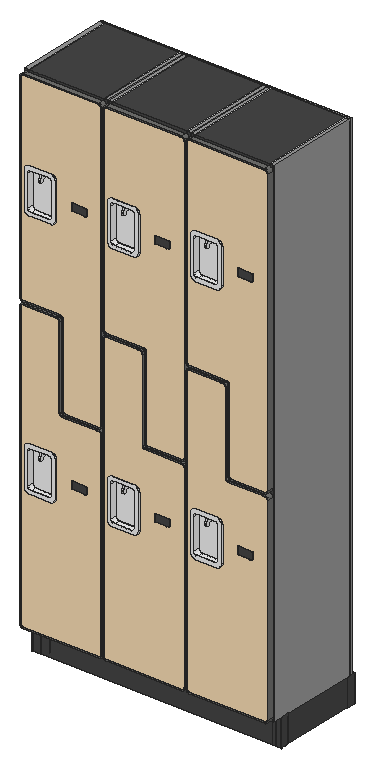
Revit family "Wood_Lockers-Salsbury_Industries-37000_Series-3_Wide_Units", category Specialty Equipment, Revit 2026 (continued)
Definition of nested family "Wood Locker S-Style Top Doors"
  Forms (in)
    Extrusion 10, solid, material <- "Door Hasps"
      sketch origin (-2.9375, 0, 0) x (0, 0, -1) y (0, -1, 0)
        loop
          line (-30.062, -0.344) -> (-29.312, -0.344) -> (-29.312, 0.063)
          arc (-29.312, 0.063) -> (-29.2753883, 0.1513883) -> (-29.187, 0.188) r 0.125
          line (-29.187, 0.188) -> (-29.0358813, 0.188)
          arc (-29.0358813, 0.188) -> (-28.970657, 0.212199) -> (-28.937, 0.2730843) r 0.1
          line (-28.937, 0.2730843) -> (-28.937, 0.4149157)
          arc (-28.937, 0.4149157) -> (-28.970657, 0.475801) -> (-29.0358813, 0.5) r 0.1
          line (-29.0358813, 0.5) -> (-29.2880625, 0.5)
          arc (-29.2880625, 0.5) -> (-29.3455181, 0.4762011) -> (-29.369317, 0.4187455) r 0.0812545
          arc (-29.369317, 0.4187455) -> (-29.3885715, 0.3685045) -> (-29.4364714, 0.344) r 0.0751745
          line (-29.4364714, 0.344) -> (-30.062, 0.344) -> (-30.062, -0.344)
      from -0.156 to 0.156
    Extrusion 11, void
      sketch origin (-2.9375, 0, 0) x (0, 0, -1) y (0, -1, 0)
        loop
          circle (-29.687, 0) r 0.175
      from -0.156 to 0.156
    Extrusion 12, solid, detail levels fine
      sketch origin (0, 0.375, 0) x (1, 0, 0) y (0, 0, 1)
        loop
          circle (-5.4125, 41.537) r 0.25
      from 0 to -0.25
    Extrusion 13, solid, detail levels fine
      sketch origin (0, 0.375, 0) x (1, 0, 0) y (0, 0, 1)
        loop
          line (5.3125, 38.812) -> (5.3125, 39.312) -> (4.8125, 39.312) -> (4.8125, 38.812) -> (5.3125, 38.812)
      from 0 to -0.25
    Extrusion 14, solid, detail levels fine
      sketch origin (0, 0.375, -0.25) x (1, 0, 0) y (0, 0, 1)
        loop
          line (5.3125, 3) -> (5.3125, 3.5) -> (4.8125, 3.5) -> (4.8125, 3) -> (5.3125, 3)
      from 0 to -0.25
    Extrusion 15, solid, visible <- "Visible Center Hinge", detail levels fine
      sketch origin (0, 0.375, -0.25) x (1, 0, 0) y (0, 0, 1)
        loop
          line (5.3125, 21.031) -> (5.3125, 21.531) -> (4.8125, 21.531) -> (4.8125, 21.031) -> (5.3125, 21.031)
      from 0 to -0.25
  Cuts and joins
    Extrusion 5, Extrusion 7, Extrusion 11 cuts Extrusion 1
    Extrusion 5, Extrusion 7 cuts Extrusion 3
    Extrusion 7 cuts Extrusion 2
    Extrusion 9, Extrusion 11 cuts Extrusion 8
    Extrusion 11 cuts Sweep 4
    Extrusion 11 cuts Extrusion 10
  Lines and regions (in)
    symbolic lines
      curve 1: line (-5.9375, 0.375, 41.937) -> (5.9375, 0.375, 41.937)
      curve 2: line (-5.9375, -0.375, 41.937) -> (-5.9375, 0.375, 41.937)
      curve 3: line (5.9375, -0.375, 41.937) -> (-5.9375, -0.375, 41.937)
      curve 4: line (5.9375, 0.375, 41.937) -> (5.9375, -0.375, 41.937)
      curve 5: line (-5.6625, 0.375, 41.937) -> (-5.6625, 0.625, 41.937)
      curve 6: line (-5.1616175, 0.375, 41.937) -> (-5.1616175, 0.625, 41.937)
      curve 7: line (-5.1616175, 0.625, 41.937) -> (-5.6625, 0.625, 41.937)
      curve 8: line (4.8125, 0.375, 41.937) -> (4.8125, 0.625, 41.937)
      curve 9: line (5.3125, 0.375, 41.937) -> (5.3125, 0.625, 41.937)
      curve 10: line (5.3125, 0.625, 41.937) -> (4.8125, 0.625, 41.937)
      curve 11: line (-5.1875, -0.375, 41.937) -> (-5.1875, -0.5, 41.937)
      curve 12: line (-5.1875, -0.5, 41.937) -> (-0.6875, -0.5, 41.937)
      curve 13: line (-0.6875, -0.5, 41.937) -> (-0.6875, -0.375, 41.937)
      curve 14: line (-2.9375, -0.375, 42.062) -> (-2.9375, 0.375, 42.062)
      curve 15: line (-2.9375, -0.375, 0) -> (-2.9375, -0.375, 42.062)
      curve 16: line (-2.9375, 0.375, 0) -> (-2.9375, -0.375, 0)
      curve 17: line (-2.9375, 0.375, 42.062) -> (-2.9375, 0.375, 0)
      curve 18: line (-2.9375, 0.375, 41.2876719) -> (-2.9375, 0.625, 41.2876719)
      curve 19: line (-2.9375, 0.625, 41.2876719) -> (-2.9375, 0.625, 41.787)
      curve 20: line (-2.9375, 0.625, 41.787) -> (-2.9375, 0.375, 41.787)
      curve 21: line (-2.9375, -0.375, 30.562) -> (-2.9375, -0.5, 30.562)
      curve 22: line (-2.9375, -0.5, 30.562) -> (-2.9375, -0.5, 24.062)
      curve 23: line (-2.9375, -0.5, 24.062) -> (-2.9375, -0.375, 24.062)
      curve 24: line (-2.9375, 0.375, 39.312) -> (-2.9375, 0.625, 39.312)
      curve 25: line (-2.9375, 0.625, 39.312) -> (-2.9375, 0.625, 38.812)
      curve 26: line (-2.9375, 0.625, 38.812) -> (-2.9375, 0.375, 38.812)
      curve 27: line (-2.9375, 0.375, 3.25) -> (-2.9375, 0.625, 3.25)
      curve 28: line (-2.9375, 0.625, 3.25) -> (-2.9375, 0.625, 2.75)
      curve 29: line (-2.9375, 0.625, 2.75) -> (-2.9375, 0.375, 2.75)
      curve 30: arc (-5.9375, 0.375, 41.537) -> (-5.7837311, 0.375, 41.9082311) -> (-5.4125, 0.375, 42.062) r 0.525
      curve 31: arc (5.9375, 0.375, 41.537) -> (5.7837311, 0.375, 41.9082311) -> (5.4125, 0.375, 42.062) r 0.525
      curve 32: arc (-5.4125, 0.375, 12.562) -> (-5.7837311, 0.375, 12.7157689) -> (-5.9375, 0.375, 13.087) r 0.525
      curve 33: arc (-0.1495, 0.375, 12.562) -> (0.0449544, 0.375, 12.4814544) -> (0.1255, 0.375, 12.287) r 0.275
      curve 34: arc (5.4125, 0.375, 0) -> (5.7837311, 0.375, 0.1537689) -> (5.9375, 0.375, 0.525) r 0.525
      curve 35: arc (0.6505, 0.375, 0) -> (0.2792689, 0.375, 0.1537689) -> (0.1255, 0.375, 0.525) r 0.525
      curve 36: line (0.6505, 0.375, 0) -> (5.4125, 0.375, 0)
      curve 37: line (5.9375, 0.375, 0.525) -> (5.9375, 0.375, 41.537)
      curve 38: line (5.4125, 0.375, 42.062) -> (-5.4125, 0.375, 42.062)
      curve 39: line (-5.9375, 0.375, 41.537) -> (-5.9375, 0.375, 13.087)
      curve 40: line (-5.4125, 0.375, 12.562) -> (-0.1495, 0.375, 12.562)
      curve 41: line (0.1255, 0.375, 12.287) -> (0.1255, 0.375, 0.525)
      curve 42: arc (1.5, 0.375, 27.6943424) -> (1.5436872, 0.375, 27.7998128) -> (1.6491576, 0.375, 27.8435) r 0.1491576
      curve 43: arc (1.6491576, 0.375, 26.7805) -> (1.5436872, 0.375, 26.8241872) -> (1.5, 0.375, 26.9296576) r 0.1491576
      curve 44: arc (3.6008424, 0.375, 26.7805) -> (3.7063128, 0.375, 26.8241872) -> (3.75, 0.375, 26.9296576) r 0.1491576
      curve 45: arc (3.75, 0.375, 27.6943424) -> (3.7063128, 0.375, 27.7998128) -> (3.6008424, 0.375, 27.8435) r 0.1491576
      curve 46: line (3.6008424, 0.375, 27.8435) -> (1.6491576, 0.375, 27.8435)
      curve 47: line (1.5, 0.375, 27.6943424) -> (1.5, 0.375, 26.9296576)
      curve 48: line (1.6491576, 0.375, 26.7805) -> (3.6008424, 0.375, 26.7805)
      curve 49: line (3.75, 0.375, 26.9296576) -> (3.75, 0.375, 27.6943424)
      curve 50: arc (-5.1875, 0.375, 29.812) -> (-4.9678301, 0.375, 30.3423301) -> (-4.4375, 0.375, 30.562) r 0.75
      curve 51: arc (-0.6875, 0.375, 29.812) -> (-0.9071699, 0.375, 30.3423301) -> (-1.4375, 0.375, 30.562) r 0.75
      curve 52: arc (-1.4375, 0.375, 24.062) -> (-0.9071699, 0.375, 24.2816699) -> (-0.6875, 0.375, 24.812) r 0.75
      curve 53: arc (-4.4375, 0.375, 24.062) -> (-4.9678301, 0.375, 24.2816699) -> (-5.1875, 0.375, 24.812) r 0.75
      curve 54: line (-4.4375, 0.375, 24.062) -> (-1.4375, 0.375, 24.062)
      curve 55: line (-0.6875, 0.375, 24.812) -> (-0.6875, 0.375, 29.812)
      curve 56: line (-1.4375, 0.375, 30.562) -> (-4.4375, 0.375, 30.562)
      curve 57: line (-5.1875, 0.375, 29.812) -> (-5.1875, 0.375, 24.812)
      curve 58: arc (-4.6875, 0.375, 29.562) -> (-4.5410534, 0.375, 29.9155534) -> (-4.1875, 0.375, 30.062) r 0.5
      curve 59: arc (-1.1875, 0.375, 29.562) -> (-1.3339466, 0.375, 29.9155534) -> (-1.6875, 0.375, 30.062) r 0.5
      curve 60: arc (-1.6875, 0.375, 24.562) -> (-1.3339466, 0.375, 24.7084466) -> (-1.1875, 0.375, 25.062) r 0.5
      curve 61: arc (-4.1875, 0.375, 24.562) -> (-4.5410534, 0.375, 24.7084466) -> (-4.6875, 0.375, 25.062) r 0.5
      curve 62: line (-4.6875, 0.375, 29.562) -> (-4.6875, 0.375, 25.062)
      curve 63: line (-4.1875, 0.375, 24.562) -> (-1.6875, 0.375, 24.562)
      curve 64: line (-1.1875, 0.375, 25.062) -> (-1.1875, 0.375, 29.562)
      curve 65: line (-1.6875, 0.375, 30.062) -> (-4.1875, 0.375, 30.062)
      curve 66: line (-3.0935, 0.375, 30.062) -> (-3.0935, 0.375, 28.937)
      curve 67: line (-3.0935, 0.375, 28.937) -> (-2.7815, 0.375, 28.937)
      curve 68: line (-2.7815, 0.375, 28.937) -> (-2.7815, 0.375, 30.062)
  Dimensions and locks (in)
    equal spacing: plane 4 "Left Side of Door", plane 3 "Center (Left/Right)", plane 5 "Right Side of Door"
    "Width": plane 4 "Left Side of Door" to plane 5 "Right Side of Door"
    equal spacing: plane 7 "Front of Door", plane 1 "Center (Front/Back)", plane 6 "Back of Door"
    "Depth": plane 7 "Front of Door" to plane 6 "Back of Door"
    equal spacing: plane 9 "Top of Door", plane 10 "Center of Door", plane 8 "Bottom of Door"
    "Height": plane 9 "Top of Door" to plane 8 "Bottom of Door"
    equal spacing: plane 11 "Top of Number Tag", plane 16 "Center of Number Tag", plane 12 "Bottom of Number Tag"
    "Number Tag Height": plane 11 "Top of Number Tag" to plane 12 "Bottom of Number Tag"
    equal spacing: plane 14 "Right Side of Number Tag", plane 15 "Horizontal Center of Number Tag", plane 13 "Left Side of Number Tag"
    "Number Tag Width": plane 14 "Right Side of Number Tag" to plane 13 "Left Side of Number Tag"
    "Number Tag-Horizontal Offset": plane 15 "Horizontal Center of Number Tag" to plane 5 "Right Side of Door"
    "Number Tag-Vertical Offset": plane 9 "Top of Door" to plane 16 "Center of Number Tag"
    locked: plane 4 "Left Side of Door" to plane 17 "Left Side of Hasp" at 0.75
    equal spacing: plane 20 "Top of Hasp", plane 19 "Hasp Vertical Center", plane 21 "Bottom of Hasp", locked at 3.25 each
    plane 20 "Top of Hasp" to plane 21 "Bottom of Hasp" = 6.500"
    plane 22 "Front of Hasp" to plane 7 "Front of Door" = 0.125"
    locked: plane 24 "Right Side of Door-Left Side of Trim" to plane 5 "Right Side of Door" at 0.125
    locked: plane 4 "Left Side of Door" to plane 23 "Left Side of Door-Right Side of Trim" at 0.125
    locked: plane 9 "Top of Door" to plane 25 "Top of Door-Bottom of Trim" at 0.125
    locked: plane 26 "Bottom of Door-Top of Trim" to plane 8 "Bottom of Door" at 0.125
    plane 28 "Melamine-Particleboard Line" to plane 6 "Back of Door" = 0.031"
    plane 7 "Front of Door" to plane 27 "Laminate-Particleboard Line" = 0.031"
    plane 27 "Laminate-Particleboard Line" to plane 29 "Back of Number Plate Inset" = 0.031"
    equal spacing: plane 18 "Right Side of Hasp", plane 30 "Center of Hasp", plane 17 "Left Side of Hasp"
    locked: plane 18 "Right Side of Hasp" to plane 17 "Left Side of Hasp" at 4.5
    plane 20 "Top of Hasp" to plane 33 "Hasp Inset-Top" = 0.500"
    plane 34 "Hasp Inset-Bottom" to plane 21 "Bottom of Hasp" = 0.500"
    plane 31 "Hasp Inset-Left" to plane 17 "Left Side of Hasp" = 0.500"
    plane 20 "Top of Hasp" to plane 36 to plane 35 to plane 33 "Hasp Inset-Top" = 0.156", 0.188", 0.156"
    plane 37 "Hasp Letters - Left Side" to plane 30 "Center of Hasp" to plane 38 "Hasp Letters - Right Side" = 0.906", 0.906"
    plane 32 "Hasp Inset-Right" to plane 18 "Right Side of Hasp" = 0.500"
    plane 40 "Hasp Handle - Right Side" to plane 30 "Center of Hasp" to plane 39 "Hasp Handle - Left Side" = 0.156", 0.156"
    plane 33 "Hasp Inset-Top" to plane 42 "Hasp Handle - Lip" to plane 43 "Hasp Handle - Lock Area Bottom" to plane 41 "Hasp Handle - Bottom" = 0.688", 0.062", 0.375"
    plane 48 "Top of Hasp Hole" to plane 33 "Hasp Inset-Top" to plane 44 "Hasp Handle - Center of Lock Hole" = 0.063", 0.375"
    plane 22 "Front of Hasp" to plane 45 = 0.312"
    plane 6 "Back of Door" to plane 46 "Door Stopper Plane" = 0.250"
    plane 32 "Hasp Inset-Right" to plane 50 "Right Side of Hasp Hole" = 0.0625"
    plane 34 "Hasp Inset-Bottom" to plane 47 "Bottom of Hasp Hole" = 0.063"
    plane 49 "Left Side of Hasp Hole" to plane 31 "Hasp Inset-Left" = 0.063"
    locked: plane 23 "Left Side of Door-Right Side of Trim" to plane 51 at 0.4
    locked: plane 25 "Top of Door-Bottom of Trim" to plane 52 at 0.4
    plane 54 to plane 5 "Right Side of Door" = 0.625"
    plane 59 to plane 57 = 0.125"
    plane 58 to plane 56 "Long Panel Edge" = 3.250"
    plane 9 "Top of Door" to plane 53 "Top Hinge" = 3.000"
    "Short Panel Edge": plane 9 "Top of Door" to plane 57
    "Long Panel Edge": plane 56 "Long Panel Edge" to plane 5 "Right Side of Door"
    Extrusion 2 sketch curve to plane 5 "Right Side of Door" = 0.125"
    plane 56 "Long Panel Edge" to plane 60 = 0.125"
    "Hasp Vertical Offset": plane 9 "Top of Door" to plane 19 "Hasp Vertical Center"
    aligned and locked: level to plane 2
    aligned and locked: Extrusion 5 to plane 11 "Top of Number Tag"
    aligned and locked: plane 12 "Bottom of Number Tag" to Extrusion 5
    aligned and locked: plane 14 "Right Side of Number Tag" to Extrusion 5
    aligned and locked: Extrusion 5 to plane 13 "Left Side of Number Tag"
    aligned and locked: Extrusion 5 to plane 29 "Back of Number Plate Inset"
    aligned and locked: plane 7 "Front of Door" to Extrusion 5
    aligned and locked: Extrusion 6 to plane 29 "Back of Number Plate Inset"
    aligned and locked: plane 7 "Front of Door" to Extrusion 6
    aligned and locked: plane 14 "Right Side of Number Tag" to Extrusion 6
    aligned and locked: Extrusion 6 to plane 13 "Left Side of Number Tag"
    aligned and locked: Extrusion 6 to plane 11 "Top of Number Tag"
    aligned and locked: plane 12 "Bottom of Number Tag" to Extrusion 6
    aligned and locked: cut or joined group of Extrusion 3, Extrusion 5, Extrusion 7 to plane 48 "Top of Hasp Hole"
    aligned and locked: plane 47 "Bottom of Hasp Hole" to cut or joined group of Extrusion 3, Extrusion 5, Extrusion 7
    aligned and locked: plane 49 "Left Side of Hasp Hole" to cut or joined group of Extrusion 3, Extrusion 5, Extrusion 7
    aligned and locked: cut or joined group of Extrusion 3, Extrusion 5, Extrusion 7 to plane 50 "Right Side of Hasp Hole"
    aligned and locked: Extrusion 10 to plane 33 "Hasp Inset-Top"
    aligned and locked: plane 41 "Hasp Handle - Bottom" to Extrusion 10
    aligned and locked: curve 1 to cut or joined group of Sweep 4, Extrusion 11
    aligned and locked: curve 2 to cut or joined group of Sweep 4, Extrusion 11
    aligned and locked: curve 3 to cut or joined group of Sweep 4, Extrusion 11
    aligned and locked: curve 4 to cut or joined group of Sweep 4, Extrusion 11
    aligned and locked: plane 46 "Door Stopper Plane" to curve 5
    aligned and locked: curve 7 to Extrusion 12
    aligned and locked: curve 1 to curve 8
    aligned and locked: curve 8 to Extrusion 13
    aligned and locked: curve 9 to Extrusion 13
    aligned and locked: curve 10 to Extrusion 13
    aligned and locked: plane 17 "Left Side of Hasp" to curve 11
    aligned and locked: curve 12 to cut or joined group of Extrusion 8, Extrusion 9, Extrusion 11
    aligned and locked: curve 13 to cut or joined group of Extrusion 8, Extrusion 9, Extrusion 11
    aligned and locked: curve 14 to cut or joined group of Sweep 4, Extrusion 11
    aligned and locked: curve 15 to cut or joined group of Sweep 4, Extrusion 11
    aligned and locked: curve 16 to cut or joined group of Sweep 4, Extrusion 11
    aligned and locked: curve 17 to cut or joined group of Sweep 4, Extrusion 11
    aligned and locked: curve 19 to Extrusion 12
    aligned and locked: plane 20 "Top of Hasp" to curve 21
    aligned and locked: curve 22 to cut or joined group of Extrusion 8, Extrusion 9, Extrusion 11
    aligned and locked: curve 23 to cut or joined group of Extrusion 8, Extrusion 9, Extrusion 11
    aligned and locked: curve 24 to Extrusion 13  (x2)
    aligned and locked: curve 26 to Extrusion 13
    aligned and locked: curve 17 to curve 27
    aligned and locked: curve 27 to Extrusion 14
    aligned and locked: curve 28 to Extrusion 14
    aligned and locked: curve 29 to Extrusion 14
    aligned and locked: cut or joined group of Sweep 4, Extrusion 11 to curve 30
    aligned and locked: curve 30 to cut or joined group of Sweep 4, Extrusion 11
    aligned and locked: curve 31 to cut or joined group of Sweep 4, Extrusion 11
    aligned and locked: cut or joined group of Sweep 4, Extrusion 11 to curve 32
    aligned and locked: curve 32 to cut or joined group of Sweep 4, Extrusion 11
    aligned and locked: curve 33 to cut or joined group of Sweep 4, Extrusion 11
    aligned and locked: curve 34 to cut or joined group of Sweep 4, Extrusion 11
    aligned and locked: cut or joined group of Sweep 4, Extrusion 11 to curve 35
    aligned and locked: curve 35 to cut or joined group of Sweep 4, Extrusion 11
    aligned and locked: curve 37 to cut or joined group of Sweep 4, Extrusion 11
    aligned and locked: curve 38 to cut or joined group of Sweep 4, Extrusion 11
    aligned and locked: curve 41 to cut or joined group of Sweep 4, Extrusion 11
    aligned and locked: cut or joined group of Extrusion 1, Extrusion 5, Extrusion 7, Extrusion 11 to curve 42
    aligned and locked: curve 42 to cut or joined group of Extrusion 1, Extrusion 5, Extrusion 7, Extrusion 11
    aligned and locked: curve 43 to cut or joined group of Extrusion 1, Extrusion 5, Extrusion 7, Extrusion 11
    aligned and locked: curve 45 to cut or joined group of Extrusion 1, Extrusion 5, Extrusion 7, Extrusion 11
    aligned and locked: curve 46 to cut or joined group of Extrusion 1, Extrusion 5, Extrusion 7, Extrusion 11
    aligned and locked: curve 48 to cut or joined group of Extrusion 1, Extrusion 5, Extrusion 7, Extrusion 11
    aligned and locked: curve 49 to cut or joined group of Extrusion 1, Extrusion 5, Extrusion 7, Extrusion 11
    aligned and locked: cut or joined group of Extrusion 8, Extrusion 9, Extrusion 11 to curve 50
    aligned and locked: cut or joined group of Extrusion 8, Extrusion 9, Extrusion 11 to curve 51
    aligned and locked: curve 51 to cut or joined group of Extrusion 8, Extrusion 9, Extrusion 11
    aligned and locked: cut or joined group of Extrusion 8, Extrusion 9, Extrusion 11 to curve 52
    aligned and locked: curve 52 to cut or joined group of Extrusion 8, Extrusion 9, Extrusion 11
    aligned and locked: cut or joined group of Extrusion 8, Extrusion 9, Extrusion 11 to curve 53
    aligned and locked: curve 54 to cut or joined group of Extrusion 8, Extrusion 9, Extrusion 11
    aligned and locked: curve 57 to cut or joined group of Extrusion 8, Extrusion 9, Extrusion 11
    aligned and locked: curve 59 to cut or joined group of Extrusion 8, Extrusion 9, Extrusion 11
    aligned and locked: cut or joined group of Extrusion 8, Extrusion 9, Extrusion 11 to curve 59
    aligned and locked: curve 60 to cut or joined group of Extrusion 8, Extrusion 9, Extrusion 11
    aligned and locked: curve 61 to cut or joined group of Extrusion 8, Extrusion 9, Extrusion 11
    aligned and locked: curve 62 to cut or joined group of Extrusion 8, Extrusion 9, Extrusion 11
    aligned and locked: curve 63 to cut or joined group of Extrusion 8, Extrusion 9, Extrusion 11
    aligned and locked: curve 64 to cut or joined group of Extrusion 8, Extrusion 9, Extrusion 11
    aligned and locked: curve 65 to curve 66
    aligned and locked: curve 66 to cut or joined group of Extrusion 10, Extrusion 11
    aligned and locked: curve 67 to cut or joined group of Extrusion 10, Extrusion 11
    aligned and locked: curve 68 to cut or joined group of Extrusion 10, Extrusion 11
  Automatic sketch dimensions
    Extrusion 5 sketch curve to plane 13 "Left Side of Number Tag" = 0.000"
    Extrusion 5 sketch curve to plane 12 "Bottom of Number Tag" = 0.000"
    Extrusion 5 sketch curve to plane 11 "Top of Number Tag" = 0.000"
    Extrusion 5 sketch curve to plane 14 "Right Side of Number Tag" = 0.000"
    Extrusion 5 sketch curve to Extrusion 5 sketch curve = 0.14916"  (x3)
    plane 11 "Top of Number Tag" to Extrusion 5 sketch curve = 0.14916"
    plane 13 "Left Side of Number Tag" to Extrusion 6 sketch curve = 0.000"
    plane 11 "Top of Number Tag" to Extrusion 6 sketch curve = 0.000"
    plane 13 "Left Side of Number Tag" to Extrusion 6 sketch curve = 0.14916"  (x2)
    Extrusion 6 sketch curve to plane 14 "Right Side of Number Tag" = 0.14916"
    Extrusion 6 sketch curve to plane 14 "Right Side of Number Tag" = 0.000"
    Extrusion 6 sketch curve to plane 12 "Bottom of Number Tag" = 0.14916"
    Extrusion 6 sketch curve to plane 12 "Bottom of Number Tag" = 0.000"
    plane 31 "Hasp Inset-Left" to Extrusion 7 sketch curve = 0.063"
    plane 34 "Hasp Inset-Bottom" to Extrusion 7 sketch curve = 0.063"
    Extrusion 7 sketch curve to plane 33 "Hasp Inset-Top" = 0.063"
    Extrusion 7 sketch curve to plane 32 "Hasp Inset-Right" = 0.0625"
    Extrusion 7 sketch curve to plane 31 "Hasp Inset-Left" = 0.437"
    plane 37 "Hasp Letters - Left Side" to Extrusion 7 sketch curve = 0.407"
    Extrusion 7 sketch curve to plane 38 "Hasp Letters - Right Side" = 0.4065"
    Extrusion 7 sketch curve to Extrusion 7 sketch curve = 0.500"
    Extrusion 8 sketch curve to plane 18 "Right Side of Hasp" = 0.000"
    Extrusion 8 sketch curve to plane 20 "Top of Hasp" = 0.000"
    Extrusion 8 sketch curve to plane 21 "Bottom of Hasp" = 0.000"
    Extrusion 8 sketch curve to plane 17 "Left Side of Hasp" = 0.000"
    plane 32 "Hasp Inset-Right" to Extrusion 8 sketch curve = 0.250"
    Extrusion 8 sketch curve to plane 44 "Hasp Handle - Center of Lock Hole" = 0.125"
    Extrusion 8 sketch curve to plane 31 "Hasp Inset-Left" = 0.250"  (x2)
    plane 31 "Hasp Inset-Left" to Extrusion 9 sketch curve = 0.000"
    Extrusion 9 sketch curve to plane 33 "Hasp Inset-Top" = 0.000"
    Extrusion 9 sketch curve to plane 34 "Hasp Inset-Bottom" = 0.000"
    plane 32 "Hasp Inset-Right" to Extrusion 9 sketch curve = 0.000"
    plane 37 "Hasp Letters - Left Side" to Extrusion 9 sketch curve = 0.344"  (x2)
    Extrusion 9 sketch curve to plane 38 "Hasp Letters - Right Side" = 0.344"
    plane 44 "Hasp Handle - Center of Lock Hole" to Extrusion 9 sketch curve = 0.125"
    Extrusion 10 sketch curve to plane 28 "Melamine-Particleboard Line" = 0.000"
    plane 33 "Hasp Inset-Top" to Extrusion 10 sketch curve = 0.000"
    Extrusion 10 sketch curve to plane 27 "Laminate-Particleboard Line" = 0.000"
    plane 43 "Hasp Handle - Lock Area Bottom" to Extrusion 10 sketch curve = 0.000"
    Extrusion 10 sketch curve to plane 22 "Front of Hasp" = 0.000"
    Extrusion 10 sketch curve to plane 45 = 0.000"
    plane 41 "Hasp Handle - Bottom" to Extrusion 10 sketch curve = 0.000"
    Extrusion 10 sketch curve to plane 42 "Hasp Handle - Lip" = 0.07049"
    Extrusion 10 sketch curve to plane 42 "Hasp Handle - Lip" = 0.06247"
    plane 43 "Hasp Handle - Lock Area Bottom" to Extrusion 10 sketch curve = 0.02394"
    plane 1 "Center (Front/Back)" to Extrusion 10 sketch curve = 0.063"
    Extrusion 10 sketch curve to plane 41 "Hasp Handle - Bottom" = 0.09888"  (x2)
    Extrusion 10 sketch curve to plane 29 "Back of Number Plate Inset" = 0.03992"
    Extrusion 10 sketch curve to Extrusion 10 sketch curve = 0.100"
    plane 7 "Front of Door" to Extrusion 10 sketch curve = 0.04375"
    Extrusion 11 sketch curve to plane 1 "Center (Front/Back)" = 0.000"
    plane 44 "Hasp Handle - Center of Lock Hole" to Extrusion 11 sketch curve = 0.000"
    Extrusion 12 sketch curve to plane 51 = 0.000"
    Extrusion 12 sketch curve to plane 52 = 0.000"
    plane 53 "Top Hinge" to Extrusion 13 sketch curve = 0.250"
    plane 54 to Extrusion 13 sketch curve = 0.000"
    Extrusion 13 sketch curve to plane 53 "Top Hinge" = 0.250"
    plane 54 to Extrusion 13 sketch curve = 0.500"
    plane 55 "Bottom Hinge" to Extrusion 14 sketch curve = 0.250"
    plane 54 to Extrusion 14 sketch curve = 0.000"
    plane 54 to Extrusion 14 sketch curve = 0.500"
    Extrusion 14 sketch curve to plane 55 "Bottom Hinge" = 0.250"
    plane 10 "Center of Door" to Extrusion 15 sketch curve = 0.250"
    plane 54 to Extrusion 15 sketch curve = 0.000"
    plane 54 to Extrusion 15 sketch curve = 0.500"
    Extrusion 15 sketch curve to plane 10 "Center of Door" = 0.250"
    plane 23 "Left Side of Door-Right Side of Trim" to Extrusion 3 sketch curve = 0.000"
    Extrusion 3 sketch curve to plane 25 "Top of Door-Bottom of Trim" = 0.000"
    plane 51 to Extrusion 3 sketch curve = 0.000"  (x2)
    Extrusion 3 sketch curve to plane 59 = 0.000"
    plane 60 to Extrusion 3 sketch curve = 0.000"
    Extrusion 3 sketch curve to plane 26 "Bottom of Door-Top of Trim" = 0.000"
    Extrusion 3 sketch curve to plane 52 = 0.000"
    plane 24 "Right Side of Door-Left Side of Trim" to Extrusion 3 sketch curve = 0.000"
    Extrusion 3 sketch curve to plane 3 "Center (Left/Right)" = 0.1495"
    Extrusion 3 sketch curve to plane 60 = 0.400"
    Extrusion 3 sketch curve to plane 54 = 0.100"
    plane 23 "Left Side of Door-Right Side of Trim" to Extrusion 1 sketch curve = 0.000"
    plane 51 to Extrusion 1 sketch curve = 0.000"  (x2)
    Extrusion 1 sketch curve to plane 25 "Top of Door-Bottom of Trim" = 0.000"
    Extrusion 1 sketch curve to plane 59 = 0.000"
    plane 60 to Extrusion 1 sketch curve = 0.000"
    Extrusion 1 sketch curve to plane 26 "Bottom of Door-Top of Trim" = 0.000"
    Extrusion 1 sketch curve to plane 52 = 0.000"
    plane 24 "Right Side of Door-Left Side of Trim" to Extrusion 1 sketch curve = 0.000"
    Extrusion 1 sketch curve to plane 3 "Center (Left/Right)" = 0.1495"
    Extrusion 1 sketch curve to plane 60 = 0.400"
    Extrusion 1 sketch curve to plane 54 = 0.100"
    plane 23 "Left Side of Door-Right Side of Trim" to Extrusion 2 sketch curve = 0.000"
    plane 51 to Extrusion 2 sketch curve = 0.000"  (x2)
    Extrusion 2 sketch curve to plane 25 "Top of Door-Bottom of Trim" = 0.000"
    Extrusion 2 sketch curve to plane 59 = 0.000"
    plane 60 to Extrusion 2 sketch curve = 0.000"
    Extrusion 2 sketch curve to plane 26 "Bottom of Door-Top of Trim" = 0.000"
    Extrusion 2 sketch curve to plane 52 = 0.000"
    Extrusion 2 sketch curve to plane 3 "Center (Left/Right)" = 0.1495"
    Extrusion 2 sketch curve to plane 60 = 0.400"
    Extrusion 2 sketch curve to plane 54 = 0.100"
    Sweep 4 sketch curve to profile plane = 0.000"
    Sweep 4 sketch curve to Sweep 4 sketch curve = 0.125"
    Sweep 4 sketch curve to plane 1 "Center (Front/Back)" = 0.375"
    plane 1 "Center (Front/Back)" to Sweep 4 sketch curve = 0.375"
    plane 23 "Left Side of Door-Right Side of Trim" to Sweep 4 sketch curve = 0.000"
    plane 51 to Sweep 4 sketch curve = 0.000"  (x2)
    Sweep 4 sketch curve to plane 59 = 0.000"
    plane 60 to Sweep 4 sketch curve = 0.000"
    Sweep 4 sketch curve to plane 26 "Bottom of Door-Top of Trim" = 0.000"
    Sweep 4 sketch curve to plane 25 "Top of Door-Bottom of Trim" = 0.000"
    Sweep 4 sketch curve to plane 52 = 0.000"
    plane 24 "Right Side of Door-Left Side of Trim" to Sweep 4 sketch curve = 0.000"
    Sweep 4 sketch curve to plane 3 "Center (Left/Right)" = 0.1495"
    Sweep 4 sketch curve to plane 60 = 0.400"
    Sweep 4 sketch curve to plane 54 = 0.100"
    curve 5 to plane 23 "Left Side of Door-Right Side of Trim" = 0.150"
    plane 17 "Left Side of Hasp" to curve 6 = 0.02588"
    plane 25 "Top of Door-Bottom of Trim" to curve 19 = 0.150"
    curve 19 to plane 52 = 0.24933"
    plane 51 to curve 40 = 0.000"
    plane 51 to curve 30 = 0.000"
    curve 31 to plane 52 = 0.000"
    curve 50 to plane 44 "Hasp Handle - Center of Lock Hole" = 0.125"
    curve 54 to plane 31 "Hasp Inset-Left" = 0.250"
    plane 44 "Hasp Handle - Center of Lock Hole" to curve 58 = 0.125"
    plane 37 "Hasp Letters - Left Side" to curve 63 = 0.344"
    curve 60 to plane 38 "Hasp Letters - Right Side" = 0.344"
    plane 44 "Hasp Handle - Center of Lock Hole" to curve 59 = 0.125"
    plane 32 "Hasp Inset-Right" to curve 52 = 0.250"
    curve 51 to plane 44 "Hasp Handle - Center of Lock Hole" = 0.125"
    curve 33 to plane 3 "Center (Left/Right)" = 0.1495"
    curve 36 to plane 60 = 0.400"
    curve 47 to curve 43 = 0.14916"
    plane 13 "Left Side of Number Tag" to curve 46 = 0.14916"
    curve 46 to plane 14 "Right Side of Number Tag" = 0.14916"
    curve 44 to curve 44 = 0.14916"
    curve 36 to plane 54 = 0.100"
    radius of Extrusion 11 sketch curve = 0.175"
    radius of Extrusion 12 sketch curve = 0.250"
Definition of nested family "Wood Locker Sloping Corner Fillers"
  Parameters (values of type "33377 - for 15" D Lockers")
    Width = 16.875"
    Visible = yes
    Version = "1.0 (2/29/16)"
    Type Comments = "Sloping Hood Corner Filler for Designer Wood Lockers"
    Model = "33377"
    Manufacturer = "Salsbury Industries"
    Laminate Surface = none
    Height = 5.743"
    Description = "For 15\" D Lockers"
    Depth = 16.875"
    Default Elevation = 0.000"
  Types (8): name | Width | Visible | Version | Type Comments | Model | Manufacturer | Height | Description | Depth
    (no name) | 16.875" | yes | "1.0 (2/29/16)" | "Sloping Hood Corner Filler for Designer Wood Lockers" | "33377" | "Salsbury Industries" | 5.743" | "For 15\" D Lockers" | 16.875"
    33377 - for 15" D Lockers | 16.875" | yes | "1.0 (2/29/16)" | "Sloping Hood Corner Filler for Designer Wood Lockers" | "33377" | "Salsbury Industries" | 5.743" | "For 15\" D Lockers" | 16.875"
    33378 - for 18" D Lockers | 19.875" | yes | "1.0 (2/29/16)" | "Sloping Hood Corner Filler for Designer Wood Lockers" | "33378" | "Salsbury Industries" | 6.868" | "For 18\" D Lockers" | 19.875"
    33371 - for 21" D Lockers | 22.875" | yes | "1.0 (2/29/16)" | "Sloping Hood Corner Filler for Designer Wood Lockers" | "33371" | "Salsbury Industries" | 7.993" | "For 21\" D Lockers" | 22.875"
    22279 - for 24" D Lockers | 25.875" | yes | "1.0 (2/29/16)" | "Sloping Hood Corner Filler for Extra Wide Designer Wood Lockers" | "22279" | "Salsbury Industries" | 9.118" | "For 24\" D Lockers" | 25.875"
    None | 16.875" | no | "" | "" | "" | "" | 5.743" | "" | 16.875"
    22278 - for 18" D Lockers | 19.875" | yes | "1.0 (2/29/16)" | "Sloping Hood Corner Filler for Extra Wide Designer Wood Lockers" | "22278" | "Salsbury Industries" | 6.868" | "For 18\" D Lockers" | 19.875"
    22271 - for 21" D Lockers | 22.875" | yes | "1.0 (2/29/16)" | "Sloping Hood Corner Filler for Extra Wide Designer Wood Lockers" | "22271" | "Salsbury Industries" | 7.993" | "For 21\" D Lockers" | 22.875"
  Reference planes (in)
    plane 1 "Center (Front/Back)": y = -0.8125
    plane 2: z = 0
    plane 3 "Center (Left/Right)": x = 0.8125
    plane 4 "Front of Hood": y = -7
    plane 5 "Right Side of Hood": x = 7
    plane 6 "Bottom of Hood": z = 0
    plane 7 "Black Trim Line": y = -6.969
    plane 8: z = 0.062
    plane 9: z = 0.75
    plane 10 "New Back of Hood": y = 7.625
    plane 11 "New Front of Hood": y = -9.25
    plane 12 "New Left Side": x = -7.625
    plane 13 "New Right Side": x = 9.25
    plane 14 "Top": z = 5.743
    plane 15: x = 6.969
  Forms (in)
    Extrusion 1, solid, visible <- "Visible"
      sketch origin (0.8125, 0, 0) x (0, 1, 0) y (0, 0, 1)
        loop
          line (-5.16023, 0) -> (7.625, 4.9943682) -> (7.625, 5.712) -> (-6.9201912, 0.062) -> (-6.969, 0.062) -> (-6.969, 0) -> (-5.16023, 0)
      from -8.4375 to 8.4375
    Extrusion 2, solid, material <- "Laminate Surface", visible <- "Visible"
      sketch origin (0.8125, 0, 0.0002321) x (0, 1, 0) y (0, 0, 1)
        loop
          line (7.625, 5.7427679) -> (-7, 0.0617679) -> (-6.9201912, 0.0617679) -> (7.625, 5.7117679) -> (7.625, 5.7427679)
      from -8.4375 to 8.4375
    Extrusion 3, void
      sketch origin (0, 0, 0) x (0, -1, 0) y (1, 0, 0)
        loop
          line (7, 7) -> (-7.625, -7.625) -> (7, -7.625) -> (7, 7)
      from 0 to 5.743
    Extrusion 4, solid, visible <- "Visible"
      sketch origin (9.25, 0, 0) x (0, -1, 0) y (0, 0, 1)
        loop
          line (7, 0) -> (7, 0.062) -> (6.969, 0.062) -> (6.969, 0) -> (7, 0)
      from 0 to 2.25
    Extrusion 5, solid, visible <- "Visible"
      sketch origin (-1.125, -0.8125, 0) x (1, 0, 0) y (0, 0, 1)
        loop
          line (6.28523, 0) -> (8.094, 0) -> (8.094, 0.062) -> (8.0451912, 0.062) -> (-6.5, 5.712) -> (-6.5, 4.9943682) -> (6.28523, 0)
      from -8.4375 to 8.4375
    Extrusion 6, solid, material <- "Laminate Surface", visible <- "Visible"
      sketch origin (-1.125, -0.8125, 0) x (1, 0, 0) y (0, 0, 1)
        loop
          line (-6.5, 5.743) -> (-6.5, 5.712) -> (8.0451912, 0.062) -> (8.125, 0.062) -> (-6.5, 5.743)
      from -8.4375 to 8.4375
    Extrusion 7, solid, visible <- "Visible"
      sketch origin (0, -7, 0) x (1, 0, 0) y (0, 0, 1)
        loop
          line (7, 0) -> (7, 0.062) -> (6.969, 0.062) -> (6.969, 0) -> (7, 0)
      from 0 to 2.25
    Extrusion 8, void
      sketch origin (9.25, 0, 0) x (0, -1, 0) y (0, 0, 1)
        loop
          line (-7.625, 0) -> (5.16023, 0) -> (-7.625, 4.9943682) -> (-7.625, 0)
      from 0 to 16.875
  Cuts and joins
    Extrusion 3, Extrusion 8 cuts Extrusion 1
    Extrusion 3 cuts Extrusion 2
    Extrusion 8 cuts Extrusion 5
    Extrusion 8 cuts Extrusion 6
  Dimensions and locks (in)
    locked: plane 4 "Front of Hood" to plane 7 "Black Trim Line" at 0.031
    locked: plane 8 to plane 6 "Bottom of Hood" at 0.062
    locked: plane 9 to plane 6 "Bottom of Hood" at 0.75
    "Height": plane 14 "Top" to plane 6 "Bottom of Hood"
    "Width": plane 12 "New Left Side" to plane 13 "New Right Side"
    "Depth": plane 11 "New Front of Hood" to plane 10 "New Back of Hood"
    equal spacing: plane 12 "New Left Side", plane 3 "Center (Left/Right)", plane 13 "New Right Side"
    equal spacing: plane 11 "New Front of Hood", plane 1 "Center (Front/Back)", plane 10 "New Back of Hood"
    locked: plane 5 "Right Side of Hood" to plane 13 "New Right Side" at 2.25
    locked: plane 11 "New Front of Hood" to plane 4 "Front of Hood" at 2.25
    locked: plane 15 to plane 5 "Right Side of Hood" at 0.031
    aligned and locked: level to plane 2
    aligned and locked: plane 12 "New Left Side" to Extrusion 3
    aligned and locked: Extrusion 2 to plane 13 "New Right Side"
    aligned and locked: plane 12 "New Left Side" to cut or joined group of Extrusion 2, Extrusion 3
    aligned and locked: cut or joined group of Extrusion 2, Extrusion 3 to plane 10 "New Back of Hood"
    aligned and locked: plane 12 "New Left Side" to cut or joined group of Extrusion 1, Extrusion 3, Extrusion 8
    aligned and locked: cut or joined group of Extrusion 1, Extrusion 3, Extrusion 8 to plane 13 "New Right Side"
    aligned and locked: cut or joined group of Extrusion 1, Extrusion 3, Extrusion 8 to plane 10 "New Back of Hood"  (x2)
    aligned and locked: plane 4 "Front of Hood" to cut or joined group of Extrusion 2, Extrusion 3
    aligned and locked: Extrusion 3 to cut or joined group of Extrusion 2, Extrusion 3
    aligned and locked: plane 13 "New Right Side" to cut or joined group of Extrusion 1, Extrusion 3, Extrusion 8
    aligned and locked: plane 5 "Right Side of Hood" to Extrusion 4
    aligned and locked: Extrusion 8 to Extrusion 1  (x2)
    aligned and locked: Extrusion 1 to Extrusion 8
    aligned and locked: cut or joined group of Extrusion 1, Extrusion 3, Extrusion 8 to Extrusion 6
    aligned and locked: plane 11 "New Front of Hood" to Extrusion 6
    aligned and locked: plane 12 "New Left Side" to Extrusion 6
    aligned and locked: plane 11 "New Front of Hood" to Extrusion 5
    aligned and locked: plane 12 "New Left Side" to Extrusion 5
    aligned and locked: cut or joined group of Extrusion 1, Extrusion 3, Extrusion 8 to Extrusion 5
  Automatic sketch dimensions
    Extrusion 1 sketch curve to level = 0.000"
    Extrusion 1 sketch curve to plane 7 "Black Trim Line" = 0.000"
    plane 8 to Extrusion 1 sketch curve = 0.000"
    Extrusion 1 sketch curve to plane 10 "New Back of Hood" = 0.000"
    Extrusion 1 sketch curve to Extrusion 1 sketch curve = 0.04881"
    Extrusion 1 sketch curve to Extrusion 1 sketch curve = 1.75996"
    plane 14 "Top" to Extrusion 1 sketch curve = 0.74863"
    plane 14 "Top" to Extrusion 1 sketch curve = 0.031"
    Extrusion 2 sketch curve to plane 4 "Front of Hood" = 0.000"
    plane 8 to Extrusion 2 sketch curve = 0.000"
    Extrusion 2 sketch curve to plane 10 "New Back of Hood" = 0.000"
    plane 14 "Top" to Extrusion 2 sketch curve = 0.000"
    Extrusion 2 sketch curve to plane 7 "Black Trim Line" = 0.04881"
    plane 14 "Top" to Extrusion 2 sketch curve = 0.031"
    plane 10 "New Back of Hood" to Extrusion 3 sketch curve = 0.000"
    plane 4 "Front of Hood" to Extrusion 3 sketch curve = 0.000"
    Extrusion 3 sketch curve to plane 12 "New Left Side" = 0.000"
    Extrusion 3 sketch curve to plane 5 "Right Side of Hood" = 0.000"
    Extrusion 4 sketch curve to level = 0.000"
    Extrusion 4 sketch curve to plane 7 "Black Trim Line" = 0.000"
    Extrusion 4 sketch curve to plane 4 "Front of Hood" = 0.000"
    plane 8 to Extrusion 4 sketch curve = 0.000"
    Extrusion 5 sketch curve to level = 0.000"
    Extrusion 5 sketch curve to plane 8 = 0.000"
    plane 14 "Top" to Extrusion 5 sketch curve = 0.031"
    Extrusion 5 sketch curve to plane 12 "New Left Side" = 0.000"
    plane 5 "Right Side of Hood" to Extrusion 5 sketch curve = 1.83977"
    plane 5 "Right Side of Hood" to Extrusion 5 sketch curve = 0.07981"
    Extrusion 5 sketch curve to Extrusion 5 sketch curve = 0.04881"
    Extrusion 5 sketch curve to Extrusion 5 sketch curve = 0.71763"
    plane 14 "Top" to Extrusion 6 sketch curve = 0.000"
    Extrusion 6 sketch curve to plane 8 = 0.000"
    Extrusion 6 sketch curve to plane 12 "New Left Side" = 0.000"
    plane 5 "Right Side of Hood" to Extrusion 6 sketch curve = 0.07981"
    Extrusion 6 sketch curve to Extrusion 6 sketch curve = 0.07981"
    plane 14 "Top" to Extrusion 6 sketch curve = 0.031"
    Extrusion 7 sketch curve to level = 0.000"
    plane 15 to Extrusion 7 sketch curve = 0.000"
    plane 5 "Right Side of Hood" to Extrusion 7 sketch curve = 0.000"
    Extrusion 7 sketch curve to plane 8 = 0.000"
    Extrusion 8 sketch curve to plane 10 "New Back of Hood" = 0.000"
    Extrusion 8 sketch curve to level = 0.000"
    Extrusion 8 sketch curve to plane 7 "Black Trim Line" = 1.80877"
    plane 14 "Top" to Extrusion 8 sketch curve = 0.74863"
Definition of nested family "Wood Locker Flat Corner Fillers"
  Parameters (values of type "33337 - for 15" D Lockers")
    Width = 16.875"
    Visible = yes
    Version = "1.0 (2/29/16)"
    Type Comments = "Flat Top Corner Filler for Designer Wood Lockers"
    Model = "33337"
    Manufacturer = "Salsbury Industries"
    Laminate Surface = none
    Height = 0.750"
    Description = "For 15\" D Lockers"
    Depth = 16.875"
    Default Elevation = 0.000"
  Types (8): name | Width | Visible | Version | Type Comments | Model | Manufacturer | Description | Depth
    (no name) | 16.875" | yes | "1.0 (2/29/16)" | "Flat Top Corner Filler for Designer Wood Lockers" | "33337" | "Salsbury Industries" | "For 15\" D Lockers" | 16.875"
    33337 - for 15" D Lockers | 16.875" | yes | "1.0 (2/29/16)" | "Flat Top Corner Filler for Designer Wood Lockers" | "33337" | "Salsbury Industries" | "For 15\" D Lockers" | 16.875"
    None | 15.000" | no | "" | "" | "" | "" | "" | 13.250"
    33338 - for 18" D Lockers | 19.875" | yes | "1.0 (2/29/16)" | "Flat Top Corner Filler for Designer Wood Lockers" | "33338" | "Salsbury Industries" | "For 18\" D Lockers" | 19.875"
    33331 - for 21" D Lockers | 22.875" | yes | "1.0 (2/29/16)" | "Flat Top Corner Filler for Designer Wood Lockers" | "33331" | "Salsbury Industries" | "For 21\" D Lockers" | 22.875"
    22239 - for 24" D Lockers | 25.875" | yes | "1.0 (2/29/16)" | "Flat Top Corner Filler for Extra Wide Designer Wood Lockers" | "22239" | "Salsbury Industries" | "For 24\" D Lockers" | 25.875"
    22232 - for 18" D Lockers | 19.875" | yes | "1.0 (2/29/16)" | "Flat Top Corner Filler for Extra Wide Designer Wood Lockers" | "22232" | "Salsbury Industries" | "For 18\" D Lockers" | 19.875"
    22231 - for 21" D Lockers | 22.875" | yes | "1.0 (2/29/16)" | "Flat Top Corner Filler for Extra Wide Designer Wood Lockers" | "22231" | "Salsbury Industries" | "For 21\" D Lockers" | 22.875"
  Reference planes (in)
    plane 1 "Center (Front/Back)": y = 0
    plane 2: z = 0
    plane 3 "Center (Left/Right)": x = 0
    plane 4 "Right Side": x = 8.4375
    plane 5 "Left Side": x = -8.4375
    plane 6 "Front Side": y = -8.4375
    plane 7 "Back Side": y = 8.4375
    plane 8 "Bottom": z = 0
    plane 9 "Top Side": z = 0.75
    plane 10 "Wood - Laminate Line": z = 0.719
    plane 11: x = -5.4375
    plane 12: y = -5.4375
  Forms (in)
    Extrusion 1, solid, visible <- "Visible"
      sketch origin (0, 0, 0) x (0, -1, 0) y (1, 0, 0)
        loop
          line (-8.4375, -8.4375) -> (5.4375, -8.4375) -> (5.4375, -5.4375) -> (8.4375, -5.4375) -> (8.4375, 8.4375) -> (-8.4375, 8.4375) -> (-8.4375, -8.4375)
      from 0 to 0.719
    Extrusion 2, solid, material <- "Laminate Surface", visible <- "Visible"
      sketch origin (0, 0, 0.75) x (1, 0, 0) y (0, 1, 0)
        loop
          line (-8.4375, -5.4375) -> (-5.4375, -5.4375) -> (-5.4375, -8.4375) -> (8.4375, -8.4375) -> (8.4375, 8.4375) -> (-8.4375, 8.4375) -> (-8.4375, -5.4375)
      from -0.031 to 0
  Dimensions and locks (in)
    equal spacing: plane 6 "Front Side", plane 1 "Center (Front/Back)", plane 7 "Back Side"
    equal spacing: plane 5 "Left Side", plane 3 "Center (Left/Right)", plane 4 "Right Side"
    "Width": plane 5 "Left Side" to plane 4 "Right Side"
    "Depth": plane 6 "Front Side" to plane 7 "Back Side"
    "Height": plane 9 "Top Side" to plane 8 "Bottom"
    locked: plane 9 "Top Side" to plane 10 "Wood - Laminate Line" at 0.031
    locked: plane 6 "Front Side" to plane 12 at 3
    locked: plane 5 "Left Side" to plane 11 at 3
    plane 12 to plane 7 "Back Side" = 13.875"
    aligned and locked: level to plane 2
  Automatic sketch dimensions
    Extrusion 2 sketch curve to plane 5 "Left Side" = 0.000"
    plane 6 "Front Side" to Extrusion 2 sketch curve = 0.000"
    Extrusion 2 sketch curve to plane 11 = 0.000"
    Extrusion 2 sketch curve to plane 4 "Right Side" = 0.000"
    Extrusion 2 sketch curve to plane 12 = 0.000"
    plane 7 "Back Side" to Extrusion 2 sketch curve = 0.000"
    Extrusion 1 sketch curve to plane 5 "Left Side" = 0.000"
    plane 7 "Back Side" to Extrusion 1 sketch curve = 0.000"
    Extrusion 1 sketch curve to plane 12 = 0.000"
    Extrusion 1 sketch curve to plane 4 "Right Side" = 0.000"
    plane 6 "Front Side" to Extrusion 1 sketch curve = 0.000"
    Extrusion 1 sketch curve to plane 11 = 0.000"
Definition of nested family "Wood Locker Side Panels-No Slope"
  Parameters (values of type "33330 - 6' H for 15"D Lockers")
    Width = 14.000"
    Visible = yes
    Version = "1.0 (2/29/16)"
    Type Comments = "Side Panel for Designer Wood Lockers without Sloping Hood"
    Model = "33330"
    Manufacturer = "Salsbury Industries"
    Laminate Surface = none
    Height = 72.000"
    Door Trim = none
    Description = "6' H for 15\" D Lockers"
    Depth = 0.750"
    Default Elevation = 0.000"
  Types (11): name | Width | Visible | Version | Type Comments | Model | Manufacturer | Height | Description
    (no name) | 14.000" | yes | "1.0 (2/29/16)" | "Side Panel for Designer Wood Lockers without Sloping Hood" | "33330" | "Salsbury Industries" | 72.000" | "6' H for 15\" D Lockers"
    33330 - 6' H for 15"D Lockers | 14.000" | yes | "1.0 (2/29/16)" | "Side Panel for Designer Wood Lockers without Sloping Hood" | "33330" | "Salsbury Industries" | 72.000" | "6' H for 15\" D Lockers"
    33333 - 6' H for 18" D Lockers | 17.000" | yes | "1.0 (2/29/16)" | "Side Panel for Designer Wood Lockers withouth Sloping Hood" | "33333" | "Salsbury Industries" | 72.000" | "6' H for 18\" D Lockers"
    33335 - 6' H for 21" D Lockers | 20.000" | yes | "1.0 (2/29/16)" | "Side Panel for Designer Wood Lockers without Sloping Hood" | "33335" | "Salsbury Industries" | 72.000" | "6' H for 21\" D Lockers"
    22237 - 6' H for 24" D Lockers | 23.000" | yes | "1.0 (2/29/16)" | "Side Panel for Extra Wide Designer Wood Lockers without Sloping Hood" | "22237" | "Salsbury Industries" | 72.000" | "6' H for 24\" D Lockers"
    33300 - 5' H for 15" D Lockers | 14.000" | yes | "1.0 (2/29/16)" | "Side Panel for Designer Wood Lockers without Sloping Hood" | "33300" | "Salsbury Industries" | 60.000" | "5' H for 15\" D Lockers"
    33303 - 5' H for 18" D Lockers | 17.000" | yes | "1.0 (2/29/16)" | "Side Panel for Designer Wood Lockers without Sloping Hood" | "33303" | "Salsbury Industries" | 60.000" | "5' H for 18\" D Lockers"
    33305 - 5' H for 21" D Lockers | 20.000" | yes | "1.0 (2/29/16)" | "Side Panel for Designer Wood Lockers without Sloping Hood" | "33305" | "Salsbury Industries" | 60.000" | "5' H for 21\" D Lockers"
    None | 14.000" | no | "" | "" | "" | "" | 72.000" | ""
    22233 - 6' H for 18" D Lockers | 17.000" | yes | "1.0 (2/29/16)" | "Side Panel for Extra Wide Designer Wood Lockers withouth Sloping Hood" | "22233" | "Salsbury Industries" | 72.000" | "6' H for 18\" D Lockers"
    22235 - 6' H for 21" D Lockers | 20.000" | yes | "1.0 (2/29/16)" | "Side Panel for Extra Wide Designer Wood Lockers without Sloping Hood" | "22235" | "Salsbury Industries" | 72.000" | "6' H for 21\" D Lockers"
  Reference planes (in)
    plane 1 "Center (Front/Back)": y = 0
    plane 2: z = 0
    plane 3 "Center (Left/Right)": x = 0
    plane 4 "Back": y = 0.375
    plane 5 "Front": y = -0.375
    plane 6 "Left Side": x = -7
    plane 7 "Right Side": x = 7
    plane 8 "Bottom": z = 0
    plane 9 "Top": z = 72
    plane 10 "Center Elevation": z = 36
    plane 11 "Wood - Laminate Edge": y = -0.344
    plane 12 "Right Side of Wood": x = 6.875
    plane 13 "Left Side of Wood": x = -6.875
    plane 14 "Top of Wood": z = 71.875
    plane 15 "Bottom of Wood": z = 0.125
  Forms (in)
    Extrusion 1, solid, visible <- "Visible"
      sketch origin (0, 0.375, 0) x (1, 0, 0) y (0, 0, 1)
        loop
          line (-6.875, 71.75) -> (-6.875, 0.25)
          arc (-6.875, 0.25) -> (-6.8383883, 0.1616117) -> (-6.75, 0.125) r 0.125
          line (-6.75, 0.125) -> (6.75, 0.125)
          arc (6.75, 0.125) -> (6.8383883, 0.1616117) -> (6.875, 0.25) r 0.125
          line (6.875, 0.25) -> (6.875, 71.75)
          arc (6.875, 71.75) -> (6.8383883, 71.8383883) -> (6.75, 71.875) r 0.125
          line (6.75, 71.875) -> (-6.75, 71.875)
          arc (-6.75, 71.875) -> (-6.8383883, 71.8383883) -> (-6.875, 71.75) r 0.125
      from 0 to 0.719
    Extrusion 2, solid, material <- "Laminate Surface", visible <- "Visible"
      sketch origin (0, -0.375, 0) x (1, 0, 0) y (0, 0, 1)
        loop
          line (-6.875, 71.75) -> (-6.875, 0.25)
          arc (-6.875, 0.25) -> (-6.8383883, 0.1616117) -> (-6.75, 0.125) r 0.125
          line (-6.75, 0.125) -> (6.75, 0.125)
          arc (6.75, 0.125) -> (6.8383883, 0.1616117) -> (6.875, 0.25) r 0.125
          line (6.875, 0.25) -> (6.875, 71.75)
          arc (6.875, 71.75) -> (6.8383883, 71.8383883) -> (6.75, 71.875) r 0.125
          line (6.75, 71.875) -> (-6.75, 71.875)
          arc (-6.75, 71.875) -> (-6.8383883, 71.8383883) -> (-6.875, 71.75) r 0.125
      from -0.031 to 0
    Sweep 3, solid, material <- "Door Trim", visible <- "Visible"
      path origin (0, -0.375, 0) x (1, 0, 0) y (0, 0, 1)
        loop
          line (-6.875, 71.75) -> (-6.875, 0.25)
          arc (-6.875, 0.25) -> (-6.8383883, 0.1616117) -> (-6.75, 0.125) r 0.125
          line (-6.75, 0.125) -> (6.75, 0.125)
          arc (6.75, 0.125) -> (6.8383883, 0.1616117) -> (6.875, 0.25) r 0.125
          line (6.875, 0.25) -> (6.875, 71.75)
          arc (6.875, 71.75) -> (6.8383883, 71.8383883) -> (6.75, 71.875) r 0.125
          line (6.75, 71.875) -> (-6.75, 71.875)
          arc (-6.75, 71.875) -> (-6.8383883, 71.8383883) -> (-6.875, 71.75) r 0.125
      profile origin (-6.8383883, -0.375, 71.8383883) x (-0.707107, 0, 0.707107) y (0, -1, 0)
        loop
          line (0, 0) -> (0, -0.75) -> (0.125, -0.75) -> (0.125, 0) -> (0, 0)
  Dimensions and locks (in)
    equal spacing: plane 6 "Left Side", plane 3 "Center (Left/Right)", plane 7 "Right Side"
    plane 5 "Front" to plane 1 "Center (Front/Back)" to plane 4 "Back" = 0.375", 0.375"
    "Width": plane 6 "Left Side" to plane 7 "Right Side"
    "Depth": plane 5 "Front" to plane 4 "Back"
    equal spacing: plane 9 "Top", plane 10 "Center Elevation", plane 8 "Bottom"
    "Height": plane 9 "Top" to plane 8 "Bottom"
    locked: plane 5 "Front" to plane 11 "Wood - Laminate Edge" at 0.031
    locked: plane 15 "Bottom of Wood" to plane 8 "Bottom" at 0.125
    locked: plane 12 "Right Side of Wood" to plane 7 "Right Side" at 0.125
    locked: plane 6 "Left Side" to plane 13 "Left Side of Wood" at 0.125
    locked: plane 9 "Top" to plane 14 "Top of Wood" at 0.125
    aligned and locked: level to plane 2
  Automatic sketch dimensions
    plane 13 "Left Side of Wood" to Extrusion 1 sketch curve = 0.000"
    Extrusion 1 sketch curve to plane 15 "Bottom of Wood" = 0.000"
    Extrusion 1 sketch curve to plane 14 "Top of Wood" = 0.000"
    plane 12 "Right Side of Wood" to Extrusion 1 sketch curve = 0.000"
    Extrusion 1 sketch curve to plane 13 "Left Side of Wood" = 0.125"  (x2)
    plane 12 "Right Side of Wood" to Extrusion 1 sketch curve = 0.125"  (x2)
    plane 13 "Left Side of Wood" to Extrusion 2 sketch curve = 0.000"
    Extrusion 2 sketch curve to plane 14 "Top of Wood" = 0.000"
    Extrusion 2 sketch curve to plane 15 "Bottom of Wood" = 0.000"
    plane 12 "Right Side of Wood" to Extrusion 2 sketch curve = 0.000"
    Extrusion 2 sketch curve to plane 13 "Left Side of Wood" = 0.125"  (x2)
    plane 12 "Right Side of Wood" to Extrusion 2 sketch curve = 0.125"
    Extrusion 2 sketch curve to Extrusion 2 sketch curve = 0.125"
    plane 13 "Left Side of Wood" to Sweep 3 sketch curve = 0.000"
    Sweep 3 sketch curve to plane 14 "Top of Wood" = 0.000"
    Sweep 3 sketch curve to plane 15 "Bottom of Wood" = 0.000"
    plane 12 "Right Side of Wood" to Sweep 3 sketch curve = 0.000"
    Sweep 3 sketch curve to plane 13 "Left Side of Wood" = 0.125"  (x2)
    plane 12 "Right Side of Wood" to Sweep 3 sketch curve = 0.125"
    Sweep 3 sketch curve to Sweep 3 sketch curve = 0.125"  (x2)
    Sweep 3 sketch curve to profile plane = 0.000"
    plane 5 "Front" to Sweep 3 sketch curve = 0.000"
    Sweep 3 sketch curve to plane 5 "Front" = 0.750"
Definition of nested family "Wood Locker Side Panels-With Slope"
  Parameters (values of type "33339 - 6' H for 15" D Lockers")
    Width = 14.000"
    Visible = yes
    Version = "1.0 (2/29/16)"
    Type Comments = "Side Panel for Designer Wood Lockers with Sloping Hood"
    Slope Height = 5.233"
    Model = "33339"
    Manufacturer = "Salsbury Industries"
    Laminate Surface = none
    Height = 72.164"
    Door Trim = none
    Description = "6' H for 15\" D Lockers"
    Depth = 0.750"
    Default Elevation = 0.000"
  Types (11): name | Width | Visible | Version | Type Comments | Slope Height | Model | Manufacturer | Height | Description
    (no name) | 14.000" | yes | "1.0 (2/29/16)" | "Side Panel for Designer Wood Lockers with Sloping Hood" | 5.233" | "33339" | "Salsbury Industries" | 72.164" | "6' H for 15\" D Lockers"
    33334 - 6' H  for 18" D Lockers | 17.000" | yes | "1.0 (2/29/16)" | "Side Panel for Designer Wood Lockers with Sloping Hood" | 6.358" | "33334" | "Salsbury Industries" | 72.153" | "6' H for 18\" D Lockers"
    33336 - 6' H for 21" D Lockers | 20.000" | yes | "1.0 (2/29/16)" | "Side Panel for Designer Wood Lockers with Sloping Hood" | 7.483" | "33336" | "Salsbury Industries" | 72.153" | "6' H for 21\" D Lockers"
    22238 - 6' H for 24" D Lockers | 23.000" | yes | "1.0 (2/29/16)" | "Side Panel for Extra Wide Designer Wood Lockers with Sloping Hood" | 8.608" | "22238" | "Salsbury Industries" | 72.153" | "6' H for 24\" D Lockers"
    33309 - 5' H for 15" D Lockers | 14.000" | yes | "1.0 (2/29/16)" | "Side Panel for Designer Wood Lockers with Sloping Hood" | 5.233" | "33309" | "Salsbury Industries" | 60.153" | "5' H for 15\" D Lockers"
    33304 - 5' H for 18" D Lockers | 17.000" | yes | "1.0 (2/29/16)" | "Side Panel for Designer Wood Lockers with Sloping Hood" | 6.358" | "33304" | "Salsbury Industries" | 60.153" | "5' H for 18\" D Lockers"
    33306 - 5' H for 21" D Lockers | 20.000" | yes | "1.0 (2/29/16)" | "Side Panel for Designer Wood Lockers with Sloping Hood" | 7.483" | "33306" | "Salsbury Industries" | 60.153" | "5' H for 21\" D Lockers"
    None | 14.000" | no | "" | "" | 5.500" | "" | "" | 72.000" | ""
    33339 - 6' H for 15" D Lockers | 14.000" | yes | "1.0 (2/29/16)" | "Side Panel for Designer Wood Lockers with Sloping Hood" | 5.233" | "33339" | "Salsbury Industries" | 72.164" | "6' H for 15\" D Lockers"
    22234 - 6' H for 18" D Lockers | 17.000" | yes | "1.0 (2/29/16)" | "Side Panel for Extra Wide Designer Wood Lockers with Sloping Hood" | 6.358" | "22234" | "Salsbury Industries" | 72.153" | "6' H for 18\" D Lockers"
    22236 - 6' H for 21" D Lockers | 20.000" | yes | "1.0 (2/29/16)" | "Side Panel for Extra Wide Designer Wood Lockers with Sloping Hood" | 7.483" | "22236" | "Salsbury Industries" | 72.153" | "6' H for 21\" D Lockers"
  Reference planes (in)
    plane 1 "Center (Front/Back)": y = 0
    plane 2: z = 0
    plane 3 "Center (Left/Right)": x = 0
    plane 4 "Back": y = 0.375
    plane 5 "Front": y = -0.375
    plane 6 "Left Side": x = -7
    plane 7 "Right Side": x = 7
    plane 8 "Bottom": z = 0
    plane 9 "Top": z = 72.164
    plane 10 "Center Elevation": z = 36.082
    plane 11 "Wood - Laminate Edge": y = -0.344
    plane 12 "Right Side of Wood": x = 6.875
    plane 13 "Left Side of Wood": x = -6.875
    plane 14 "Top of Wood": z = 72.039
    plane 15 "Bottom of Wood": z = 0.125
    plane 16: z = 77.397
    plane 17: z = 77.272
  Forms (in)
    Extrusion 1, solid, visible <- "Visible"
      sketch origin (0, 0.375, 0) x (1, 0, 0) y (0, 0, 1)
        loop
          arc (-6.875, 0.25) -> (-6.8383883, 0.1616117) -> (-6.75, 0.125) r 0.125
          line (-6.75, 0.125) -> (6.75, 0.125)
          arc (6.75, 0.125) -> (6.8383883, 0.1616117) -> (6.875, 0.25) r 0.125
          line (6.875, 0.25) -> (6.875, 71.914)
          arc (6.875, 71.914) -> (6.8654849, 71.9618354) -> (6.8383883, 72.0023883) r 0.125
          line (6.8383883, 72.0023883) -> (-6.7027604, 77.2627299)
          arc (-6.7027604, 77.2627299) -> (-6.8197139, 77.2507544) -> (-6.875, 77.147) r 0.125
          line (-6.875, 77.147) -> (-6.875, 0.25)
      from 0 to 0.719
    Extrusion 2, solid, material <- "Laminate Surface", visible <- "Visible"
      sketch origin (0, -0.375, 0) x (1, 0, 0) y (0, 0, 1)
        loop
          arc (-6.875, 0.25) -> (-6.8383883, 0.1616117) -> (-6.75, 0.125) r 0.125
          line (-6.75, 0.125) -> (6.75, 0.125)
          arc (6.75, 0.125) -> (6.8383883, 0.1616117) -> (6.875, 0.25) r 0.125
          line (6.875, 0.25) -> (6.875, 71.914)
          arc (6.875, 71.914) -> (6.8654849, 71.9618354) -> (6.8383883, 72.0023883) r 0.125
          line (6.8383883, 72.0023883) -> (-6.7027604, 77.2627299)
          arc (-6.7027604, 77.2627299) -> (-6.8197139, 77.2507544) -> (-6.875, 77.147) r 0.125
          line (-6.875, 77.147) -> (-6.875, 0.25)
      from -0.031 to 0
    Sweep 3, solid, material <- "Door Trim", visible <- "Visible"
      path origin (0, -0.375, 0) x (1, 0, 0) y (0, 0, 1)
        loop
          line (-6.875, 77.147) -> (-6.875, 0.25)
          arc (-6.875, 0.25) -> (-6.8383883, 0.1616117) -> (-6.75, 0.125) r 0.125
          line (-6.75, 0.125) -> (6.75, 0.125)
          arc (6.75, 0.125) -> (6.8383883, 0.1616117) -> (6.875, 0.25) r 0.125
          line (6.875, 0.25) -> (6.875, 71.914)
          arc (6.875, 71.914) -> (6.8654849, 71.9618354) -> (6.8383883, 72.0023883) r 0.125
          line (6.8383883, 72.0023883) -> (-6.7027604, 77.2627299)
          arc (-6.7027604, 77.2627299) -> (-6.8197139, 77.2507544) -> (-6.875, 77.147) r 0.125
      profile origin (-6.8197139, -0.375, 77.2507544) x (-0.557711, 0, 0.830035) y (0, -1, 0)
        loop
          line (0, 0) -> (0, -0.75) -> (0.125, -0.75) -> (0.125, 0) -> (0, 0)
  Dimensions and locks (in)
    equal spacing: plane 6 "Left Side", plane 3 "Center (Left/Right)", plane 7 "Right Side"
    plane 5 "Front" to plane 1 "Center (Front/Back)" to plane 4 "Back" = 0.375", 0.375"
    "Width": plane 6 "Left Side" to plane 7 "Right Side"
    "Depth": plane 5 "Front" to plane 4 "Back"
    equal spacing: plane 9 "Top", plane 10 "Center Elevation", plane 8 "Bottom"
    "Height": plane 9 "Top" to plane 8 "Bottom"
    locked: plane 5 "Front" to plane 11 "Wood - Laminate Edge" at 0.031
    locked: plane 15 "Bottom of Wood" to plane 8 "Bottom" at 0.125
    locked: plane 12 "Right Side of Wood" to plane 7 "Right Side" at 0.125
    locked: plane 6 "Left Side" to plane 13 "Left Side of Wood" at 0.125
    locked: plane 9 "Top" to plane 14 "Top of Wood" at 0.125
    "Slope Height": plane 16 to plane 9 "Top"
    locked: plane 16 to plane 17 at 0.125
    aligned and locked: level to plane 2
  Automatic sketch dimensions
    Sweep 3 sketch curve to profile plane = 0.000"
    plane 5 "Front" to Sweep 3 sketch curve = 0.000"
    Sweep 3 sketch curve to Sweep 3 sketch curve = 0.125"  (x3)
    Sweep 3 sketch curve to plane 5 "Front" = 0.750"
    Sweep 3 sketch curve to plane 13 "Left Side of Wood" = 0.000"
    Sweep 3 sketch curve to plane 15 "Bottom of Wood" = 0.000"
    plane 12 "Right Side of Wood" to Sweep 3 sketch curve = 0.000"
    Sweep 3 sketch curve to plane 13 "Left Side of Wood" = 0.125"  (x2)
    plane 17 to Sweep 3 sketch curve = 0.00927"
    Sweep 3 sketch curve to Sweep 3 sketch curve = 0.04724"
    plane 14 "Top of Wood" to Sweep 3 sketch curve = 0.125"
